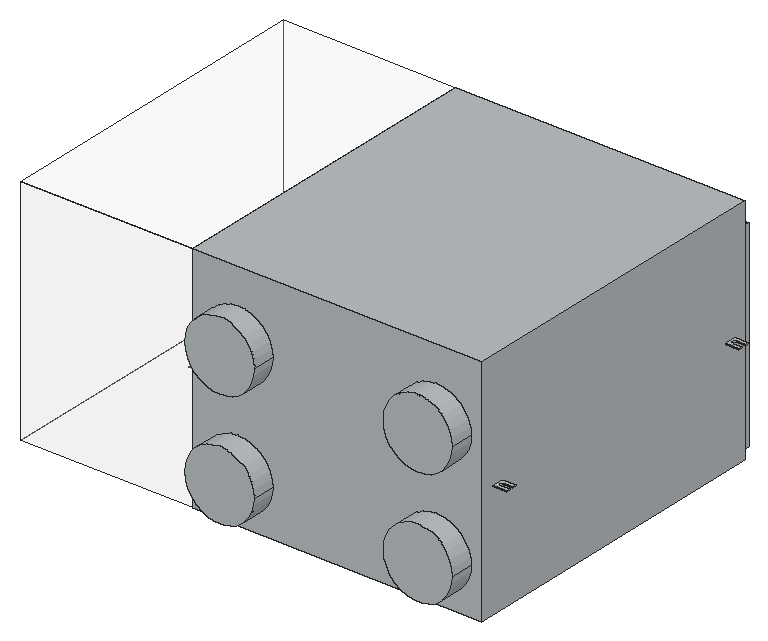
Revit family "lgh-n150_200rx3d_60Hz", category 機械設備, Revit 2019
Family settings
  丸型コネクタ寸法 = 直径を使用
  パーツ タイプ = 標準
  OmniClass 番号 = 23.75.10.34.21
  OmniClass タイトル = Heat Exchangers for Ventilation Air
  作業面ベース = いいえ
  常に垂直 = はい
  ロード時にボイドで切り取り = いいえ
  共有 = いいえ
  部屋計算ポイント = はい
Parameters (values of type "LGH-N150RX3D")
  騒音レベル(dB(A)) = 55
  風量 = 1500.0 m³/h
  面風速 = 8.5 m/s
  電源種別 [instance] = "一般"
  電圧 = 200 V
  電動機出力 = 0 W
  集中コントローラ = ""
  運転質量 = 0.00 kg
  連動 [instance] = ""
  質量 = if(製品質量 > 運転質量, 製品質量, 運転質量) * 1.2  # 144.00 kg
  負荷分類 = 10_ファンコイル類
  説明 = "業務用ロスナイ 天井埋込形"
  設計風量 = 0.0 m³/h
  設置方法 = "天井吊(隠ぺい)形"
  記号 [instance] = ""
  製造元 = "MITSIBISHI ELECTRIC"
  製品質量 = 120.00 kg
  製品出荷対象 = "国内"
  製品リリース年月 = "2019/6/1"
  製品グループ = ""
  系統 [instance] = ""
  符号 = "HEU"
  積算_科目 = "1 空気調和設備"
  積算_拾い区分 [instance] = ""
  相 = 1
  盤記号 [instance] = ""
  発停方法 [instance] = "別売リモコン"
  特殊仕様 [instance] = ""
  点検口高さ = -Height  # -808 mm
  点検口離隔 = 150 mm
  点検口_Depth = 450 mm
  点検口 = yes
  火災停止 [instance] = ""
  温度交換効率 = 74.00%
  消費電力 = 1070 W
  法定耐用年数 = "15"
  機外静圧_排気 = 270.0 Pa
  機外静圧 = 270.0 Pa
  極数 = 3
  材質 [instance] = ""
  本体マテリアル = 溶融亜鉛めっき鋼板
  操作・制御方式 = ""
  操作・制御スイッチ = ""
  排気量 = 0.0 m³/h
  形式 = "天井埋込ダクト形"
  幹線記号 [instance] = ""
  対象室 [instance] = ""
  実風量 = 0.0 m³/h
  始動方式 [instance] = "直入"
  天吊金具_径 = 7.5 mm
  天吊金具_幅 = 30 mm
  外気量 = 設計風量  # 0.0 m³/h
  呼称 = "全熱交換ユニット"
  周波数 = 60 Hz
  天吊金具ピッチ2 = 1010 mm
  天吊金具ピッチ1 = 1045 mm
  天吊金具_高さ = 404 mm
  参照している仕様書等のバージョン = ""
  初期抵抗 = 0.0 Pa
  分類コード = "50052504100070"
  分類グループ = ""
  価格 = 900000
  企業コード = "108420"
  付属品_フィルター_還気 = ""
  付属品_フィルター = ""
  付属品 [instance] = ""
  仕様書バージョン = "Version1.0"
  モデル = "LGH-N150RX3D"
  メンテナンススペース = yes
  コメント [instance] = ""
  Keynote = ""
  エンタルピ交換効率_暖房 = 76.00%
  エンタルピ交換効率_冷房 = 66.00%
  Assembly Code = ""
  Width = 1004 mm
  Version = ""
  Uniclass2015Version = "Systems v1.9"
  Uniclass2015Title = "Thermal wheels"
  Uniclass2015Code = "Pr_60_60_36_88"
  URL = "https://www.mitsubishielectric.co.jp/ldg/wink/ssl/displayProduct.do?pid=300330"
  SpecificationReference = ""
  SpecificationDescription = ""
  SMAX風量 = 1500.0 m³/h
  SMAX静圧 = 270.0 Pa
  SAサイズ_D = 242 mm
  Revision = ""
  RAサイズ_D = 242 mm
  ProductInformation = ""
  OmniClassCode = "23-27 23 19 11"
  OAサイズ_W = 270 mm
  OAサイズ_D = 700 mm
  MIN風量 = 680.0 m³/h
  MIN静圧 = 48.0 Pa
  MID風量 = 1130.0 m³/h
  MID静圧 = 133.0 Pa
  MAX風量 = 1500.0 m³/h
  MAX静圧 = 235.0 Pa
  IfcTypeProduct = ""
  IfcProduct = ""
  IfcExportType = "ROTARYWHEEL"
  IfcExportAs = "IfcAirToAirHeatRecoveryType"
  Height = 808 mm
  EAサイズ_W = 270 mm
  EAサイズ_D = 700 mm
  Duct_Pitch = 690 mm
  Duct_Height = 242 mm
  Duct_Depth_SA_RA = 79 mm
  Duct_Depth_OA_EA = 44 mm
  Depth = 1144 mm
  Clearance Top = Height  # 808 mm
  Clearance Left = 600 mm
  Box_Width = 115 mm
  Box_Height = 262 mm
  Box_H = 125 mm
  Box_Depth = 172 mm
  Box_D = 144 mm
  Author = "MITSUBISHI ELECTRIC"
Types (2, lengths in mm): name | 騒音レベル(dB(A)) | 風量 | 面風速 | 質量 | 製品質量 | 温度交換効率 | 消費電力 | 機外静圧_排気 | 機外静圧 | 天吊金具ピッチ1 | 価格 | モデル | エンタルピ交換効率_暖房 | エンタルピ交換効率_冷房 | Width | URL | SMAX風量 | SMAX静圧 | MIN風量 | MIN静圧 | MID風量 | MID静圧 | MAX風量 | MAX静圧 | Duct_Pitch
  LGH-N150RX3D | 55 | 1500.0 m³/h | 8.5 m/s | 144.00 kg | 120.00 kg | 74.00% | 1070 W | 270.0 Pa | 270.0 Pa | 1045 | 900000 | "LGH-N150RX3D" | 76.00% | 66.00% | 1004 | "https://www.mitsubishielectric.co.jp/ldg/wink/ssl/displayProduct.do?pid=300330" | 1500.0 m³/h | 270.0 Pa | 680.0 m³/h | 48.0 Pa | 1130.0 m³/h | 133.0 Pa | 1500.0 m³/h | 235.0 Pa | 690
  LGH-N200RX3D | 55.5 | 2000.0 m³/h | 11.3 m/s | 158.40 kg | 132.00 kg | 73.00% | 1390 W | 205.0 Pa | 205.0 Pa | 1272 | 1025000 | "LGH-N200RX3D" | 75.00% | 65.00% | 1231 | "https://www.mitsubishielectric.co.jp/ldg/wink/ssl/displayProduct.do?pid=300335" | 2000.0 m³/h | 205.0 Pa | 730.0 m³/h | 17.0 Pa | 1360.0 m³/h | 58.0 Pa | 2000.0 m³/h | 125.0 Pa | 917
Reference planes
  plane 1 "中心(正面/背面)": y = 0
  plane 2: z = 0
  plane 3 "中心(左/右)": x = 0
  plane 4: x = -502
  plane 5: x = 502
  plane 6: y = 572
  plane 7: y = -572
  plane 8: z = -808
  plane 9: z = -242
  plane 10: x = -345
  plane 11: x = 345
  plane 12: y = -651
  plane 13: y = 616
  plane 14: x = -581
  plane 15: x = 581
  plane 16: x = -1102
  plane 17: y = -428
  plane 18: y = -256
  plane 19: z = -125
  plane 20: z = -387
  plane 21: x = -617
  plane 22: x = -652
  plane 23: y = 225
  plane 24: x = -522.5
  plane 25: x = 522.5
  plane 26: y = 505
  plane 27: y = -505
  plane 28: y = -225
  plane 29: x = -552.5
  plane 30: y = 525
  plane 31: y = 485
  plane 32: y = -485
  plane 33: y = -525
  plane 34: z = -5
  plane 35: z = -404
  plane 36: z = -407
  plane 37: x = 552.5
  plane 38: z = -404
  plane 39: x = 480
  plane 40: x = 210
  plane 41: x = -480
  plane 42: x = -210
  plane 43: z = -94
  plane 44: z = -794
  plane 45: z = -94
  plane 46: z = -794
  plane 47: z = -646
  plane 48: z = -529
  plane 49: z = -791
  plane 50: z = -444
Forms (mm)
  Extrusion 1, solid, material "溶融亜鉛めっき鋼板" <- "本体マテリアル", detail levels fine
    sketch origin (0, 0, 0) x (1, 0, 0) y (0, 1, 0)
      loop
        line (-502, 572) -> (-502, -572) -> (502, -572) -> (502, 572) -> (-502, 572)
    from 0 to -808
  Extrusion 2, solid, material "溶融亜鉛めっき鋼板" <- "本体マテリアル", detail levels fine
    sketch origin (502, -572, 0) x (-1, 0, 0) y (0, 0, -1)
      loop
        circle (847, 242) r 121
    from 0 to 79
  Extrusion 3, solid, material "溶融亜鉛めっき鋼板" <- "本体マテリアル", detail levels fine
    sketch origin (510, -445, 0) x (-1, 0, 0) y (0, 0, -1)
      loop
        circle (165, 242) r 121
    from 127 to 206
  Extrusion 4, solid, material "溶融亜鉛めっき鋼板" <- "本体マテリアル", detail levels fine
    sketch origin (-502, -572, 0) x (0, 1, 0) y (0, 0, -1)
      loop
        line (316, 125) -> (316, 387) -> (144, 387) -> (144, 125) -> (316, 125)
      loop
        line (316, 529) -> (316, 791) -> (144, 791) -> (144, 529) -> (316, 529)
    from 0 to 115
  Extrusion 5, solid, material "溶融亜鉛めっき鋼板" <- "本体マテリアル", detail levels fine
    sketch origin (0, 0, 0) x (1, 0, 0) y (0, 1, 0)
      loop
        line (-552.5, 525) -> (-552.5, 512.5) -> (-522.5, 512.5)
        arc (-522.5, 512.5) -> (-515, 505) -> (-522.5, 497.5) r 7.5
        line (-522.5, 497.5) -> (-552.5, 497.5) -> (-552.5, 485) -> (-502, 485) -> (-502, 525) -> (-552.5, 525)
    from -404 to -407
  Extrusion 6, solid, material "溶融亜鉛めっき鋼板" <- "本体マテリアル", detail levels fine
    sketch origin (0, 0, 0) x (1, 0, 0) y (0, 1, 0)
      loop
        line (-552.5, -525) -> (-502, -525) -> (-502, -485) -> (-552.5, -485) -> (-552.5, -497.5) -> (-522.5, -497.5)
        arc (-522.5, -497.5) -> (-515, -505) -> (-522.5, -512.5) r 7.5
        line (-522.5, -512.5) -> (-552.5, -512.5) -> (-552.5, -525)
    from -404 to -407
  Extrusion 7, solid, material "溶融亜鉛めっき鋼板" <- "本体マテリアル", detail levels fine
    sketch origin (0, 0, 0) x (-1, 0, 0) y (0, -1, 0)
      loop
        line (-552.5, 525) -> (-552.5, 512.5) -> (-522.5, 512.5)
        arc (-522.5, 512.5) -> (-515, 505) -> (-522.5, 497.5) r 7.5
        line (-522.5, 497.5) -> (-552.5, 497.5) -> (-552.5, 485) -> (-502, 485) -> (-502, 525) -> (-552.5, 525)
    from -404 to -407
  Extrusion 8, solid, material "溶融亜鉛めっき鋼板" <- "本体マテリアル", detail levels fine
    sketch origin (0, 0, 0) x (-1, 0, 0) y (0, -1, 0)
      loop
        line (-552.5, -525) -> (-502, -525) -> (-502, -485) -> (-552.5, -485) -> (-552.5, -497.5) -> (-522.5, -497.5)
        arc (-522.5, -497.5) -> (-515, -505) -> (-522.5, -512.5) r 7.5
        line (-522.5, -512.5) -> (-552.5, -512.5) -> (-552.5, -525)
    from -404 to -407
  Extrusion 9, solid, material "溶融亜鉛めっき鋼板" <- "本体マテリアル", detail levels fine
    sketch origin (0, 0, 0) x (1, 0, 0) y (0, 0, 1)
      loop
        circle (-345, -646) r 121
    from 572 to 651
  Extrusion 10, solid, material "溶融亜鉛めっき鋼板" <- "本体マテリアル", detail levels fine
    sketch origin (0, 0, 0) x (1, 0, 0) y (0, 0, 1)
      loop
        circle (345, -646) r 121
    from 572 to 651
  Extrusion 11, solid, material "溶融亜鉛めっき鋼板" <- "本体マテリアル", detail levels fine
    sketch origin (0, 0, 0) x (1, 0, 0) y (0, 0, 1)
      loop
        line (480, -794) -> (480, -94) -> (210, -94) -> (210, -794) -> (480, -794)
    from -616 to -572
  Extrusion 12, solid, material "溶融亜鉛めっき鋼板" <- "本体マテリアル", detail levels fine
    sketch origin (0, 0, 0) x (1, 0, 0) y (0, 0, 1)
      loop
        line (-480, -794) -> (-210, -794) -> (-210, -94) -> (-480, -94) -> (-480, -794)
    from -616 to -572
Lines and regions (mm)
  Masking region 1, detail levels coarse+medium
    outline origin (1326.5, 29, 0) x (1, 0, 0) y (0, 1, 0)
      loop
        line (-1828.5, 543) -> (-1828.5, -601) -> (-824.5, -601) -> (-824.5, 543) -> (-1828.5, 543)
  symbolic lines, detail levels coarse+medium
    curve 1: line (0, 572, 0) -> (-502, 0, 0)
    curve 2: line (-502, 0, 0) -> (0, -572, 0)
    curve 3: line (0, -572, 0) -> (502, 0, 0)
    curve 4: line (502, 0, 0) -> (0, 572, 0)
Dimensions and locks
  equal spacing: plane 4, plane 3 "中心(左/右)", plane 5
  "Width": plane 4 to plane 5
  equal spacing: plane 6, plane 1 "中心(正面/背面)", plane 7
  "Depth": plane 6 to plane 7
  "Height": level to plane 8
  "Duct_Height": level to plane 9
  equal spacing: plane 11, plane 3 "中心(左/右)", plane 10
  "Duct_Pitch": plane 11 to plane 10
  "Duct_Depth_OA_EA": plane 13 to plane 6
  "Duct_Depth_SA_RA": plane 7 to plane 12
  "Duct_Depth_SA_RA": plane 5 to plane 15
  "Duct_Depth_SA_RA": plane 14 to plane 4
  "Clearance Left": plane 16 to plane 4
  "Clearance Top": nested 1 to plane 8
  "Box_H": level to plane 19
  "Box_Height": plane 19 to plane 20
  "Box_D": plane 17 to plane 7
  "Box_Depth": plane 18 to plane 17
  "Box_Width": plane 21 to plane 4
  "点検口離隔": plane 22 to plane 4
  equal spacing: plane 24, plane 3 "中心(左/右)", plane 25
  "天吊金具ピッチ1": plane 24 to plane 25
  equal spacing: plane 26, plane 1 "中心(正面/背面)", plane 27
  "天吊金具ピッチ2": plane 26 to plane 27
  equal spacing: plane 23, plane 1 "中心(正面/背面)", plane 28
  "点検口_Depth": plane 23 to plane 28
  equal spacing: plane 30, plane 26, plane 31
  locked: plane 30 to plane 31 at 40
  "天吊金具_幅": plane 29 to plane 24
  "天吊金具_高さ": level to plane 35
  locked: plane 35 to plane 36 at 3
  equal spacing: plane 32, plane 27, plane 33
  locked: plane 32 to plane 33 at 40
  "天吊金具_幅": plane 25 to plane 37
  equal spacing: plane 8, plane 38, level
  equal spacing: plane 40, plane 11, plane 39
  "EAサイズ_W": plane 40 to plane 39
  equal spacing: plane 42, plane 10, plane 41
  "OAサイズ_W": plane 42 to plane 41
  "EAサイズ_D": plane 44 to plane 43
  "OAサイズ_D": plane 46 to plane 45
  "Duct_Height": plane 38 to plane 47
  "Box_H": plane 38 to plane 48
  "Box_Height": plane 48 to plane 49
  locked: plane 50 to plane 38 at 40
  equal spacing: plane 44, plane 50, plane 43
  equal spacing: plane 46, plane 50, plane 45
  "RAサイズ_D": diameter of Extrusion 3 sketch curve
  "天吊金具_径": radius of Extrusion 5 sketch curve
  "天吊金具_径": radius of Extrusion 6 sketch curve
  "天吊金具_径": radius of Extrusion 7 sketch curve
  "天吊金具_径": radius of Extrusion 8 sketch curve
  "SAサイズ_D": diameter of Extrusion 9 sketch curve
  "RAサイズ_D": diameter of Extrusion 10 sketch curve
  "SAサイズ_D": diameter of Extrusion 2 sketch curve
  aligned and locked: level to plane 2
  aligned and locked: Extrusion 1 to plane 8
  aligned and locked: Extrusion 2 to plane 12
  aligned and locked: plane 7 to Extrusion 2
  aligned and locked: plane 7 to Extrusion 3
  aligned and locked: Extrusion 3 to plane 12
  aligned and locked: plane 16 to nested 1
  aligned and locked: plane 4 to nested 1
  aligned and locked: nested 1 to plane 6
  aligned and locked: nested 1 to plane 7
  aligned and locked: plane 2 to nested 1
  aligned and locked: plane 8 to nested 1
  aligned and locked: Extrusion 4 to plane 21
  aligned and locked: plane 4 to Extrusion 4
  aligned and locked: Masking region 1 to plane 4
  aligned and locked: plane 5 to Masking region 1
  aligned and locked: plane 6 to Masking region 1
  aligned and locked: Masking region 1 to plane 7
  aligned and locked: plane 25 to nested 2
  aligned and locked: plane 24 to nested 2
  aligned and locked: nested 2 to plane 27
  aligned and locked: plane 26 to nested 2
  aligned and locked: Extrusion 4 to plane 18
  aligned and locked: Extrusion 4 to plane 20
  aligned and locked: plane 19 to Extrusion 4
  aligned and locked: plane 17 to Extrusion 4
  aligned and locked: plane 22 to nested 3
  aligned and locked: plane 16 to nested 3
  aligned and locked: plane 23 to nested 3
  aligned and locked: nested 3 to plane 28
  aligned and locked: plane 29 to Extrusion 5 sketch curve  (x2)
  aligned and locked: Extrusion 5 sketch curve to plane 4
  aligned and locked: plane 31 to Extrusion 5 sketch curve
  aligned and locked: Extrusion 5 sketch curve to plane 30
  aligned and locked: Extrusion 5 to plane 35
  aligned and locked: Extrusion 5 to plane 36
  aligned and locked: Extrusion 6 sketch curve to plane 29  (x2)
  aligned and locked: plane 32 to Extrusion 6 sketch curve
  aligned and locked: Extrusion 6 sketch curve to plane 33
  aligned and locked: plane 4 to Extrusion 6 sketch curve
  aligned and locked: plane 35 to Extrusion 6
  aligned and locked: Extrusion 6 to plane 36
  aligned and locked: plane 37 to Extrusion 7 sketch curve  (x2)
  aligned and locked: Extrusion 7 sketch curve to plane 32
  aligned and locked: plane 33 to Extrusion 7 sketch curve
  aligned and locked: plane 5 to Extrusion 7 sketch curve
  aligned and locked: Extrusion 7 to plane 36
  aligned and locked: plane 35 to Extrusion 7
  aligned and locked: Extrusion 8 sketch curve to plane 37  (x2)
  aligned and locked: Extrusion 8 sketch curve to plane 31
  aligned and locked: plane 30 to Extrusion 8 sketch curve
  aligned and locked: Extrusion 8 sketch curve to plane 5
  aligned and locked: plane 35 to Extrusion 8
  aligned and locked: Extrusion 8 to plane 36
  aligned and locked: Extrusion 9 to plane 12
  aligned and locked: plane 7 to Extrusion 9
  aligned and locked: Extrusion 10 to plane 12
  aligned and locked: plane 7 to Extrusion 10
  aligned and locked: plane 44 to Extrusion 11 sketch curve
  aligned and locked: plane 39 to Extrusion 11 sketch curve
  aligned and locked: Extrusion 11 sketch curve to plane 43
  aligned and locked: Extrusion 11 sketch curve to plane 40
  aligned and locked: Extrusion 12 sketch curve to plane 46
  aligned and locked: Extrusion 12 sketch curve to plane 41
  aligned and locked: plane 45 to Extrusion 12 sketch curve
  aligned and locked: plane 42 to Extrusion 12 sketch curve
  aligned and locked: plane 13 to Extrusion 12
  aligned and locked: Extrusion 12 to plane 6
  aligned and locked: plane 13 to Extrusion 11
  aligned and locked: Extrusion 11 to plane 6
  aligned and locked: Extrusion 4 sketch curve to plane 48
  aligned and locked: plane 18 to Extrusion 4 sketch curve
  aligned and locked: plane 49 to Extrusion 4 sketch curve
  aligned and locked: Extrusion 4 sketch curve to plane 17
Automatic sketch dimensions
  plane 1 "中心(正面/背面)" to curve 1 = 0 mm
  curve 1 to plane 4 = 0 mm
  curve 2 to plane 3 "中心(左/右)" = 0 mm
  curve 4 to plane 3 "中心(左/右)" = 0 mm
  plane 1 "中心(正面/背面)" to curve 4 = 0 mm
  curve 4 to plane 5 = 0 mm
  curve 2 to plane 7 = 0 mm
  curve 4 to plane 6 = 0 mm
  Extrusion 1 sketch curve to plane 4 = 0 mm
  Extrusion 1 sketch curve to plane 5 = 0 mm
  Extrusion 1 sketch curve to plane 7 = 0 mm
  Extrusion 1 sketch curve to plane 6 = 0 mm
  Extrusion 3 sketch curve to plane 9 = 0 mm
  Extrusion 3 sketch curve to plane 11 = 0 mm
  Masking region 1 sketch curve to plane 4 = 0 mm
  Masking region 1 sketch curve to plane 5 = 0 mm
  Masking region 1 sketch curve to plane 7 = 0 mm
  Masking region 1 sketch curve to plane 6 = 0 mm
  Extrusion 9 sketch curve to plane 10 = 0 mm
  Extrusion 9 sketch curve to plane 47 = 0 mm
  Extrusion 10 sketch curve to plane 11 = 0 mm
  Extrusion 10 sketch curve to plane 47 = 0 mm
  Extrusion 5 sketch curve to plane 24 = 0 mm
  Extrusion 5 sketch curve to plane 26 = 0 mm
  Extrusion 6 sketch curve to plane 24 = 0 mm
  Extrusion 6 sketch curve to plane 27 = 0 mm
  Extrusion 7 sketch curve to plane 25 = 0 mm
  Extrusion 7 sketch curve to plane 27 = 0 mm
  Extrusion 8 sketch curve to plane 25 = 0 mm
  Extrusion 8 sketch curve to plane 26 = 0 mm
  Extrusion 1 to Extrusion 2 sketch curve = 157 mm
  Extrusion 1 to Extrusion 2 sketch curve = 242 mm
  Extrusion 4 sketch curve to Extrusion 1 = 144 mm
  Extrusion 4 sketch curve to Extrusion 4 sketch curve = 172 mm
  Extrusion 4 sketch curve to Extrusion 4 sketch curve = 142 mm
  Extrusion 1 to Extrusion 4 sketch curve = 125 mm
Nested families
  nested 1: "メンテナンススペース" at (-802, 0, -404), visible <- "メンテナンススペース", type "メンテナンススペース"
    with Width 600 mm, Height 808 mm, Depth 1144 mm
  nested 2: "固定点" at (-522.5, -505, 0), type "固定点"
    with W 1045 mm, D 1010 mm
  nested 3: "点検口設置範囲" at (-877, 0, -808), built-in parameter 1001364 <- "点検口高さ", visible <- "点検口", type "点検口設置範囲"
    with Width 450 mm, Depth 450 mm
Connectors
  hvac at (-345, -651, -242), driven by "SAサイズ_D", driven by "機外静圧", driven by "風量"
    settings: on Extrusion 2, index 1, duct flow 1500.0 m³/h, flow factor 0, pres drop 270.0 Pa, loss coef 0, conn angle 0.00°, conn width 304.8 mm, conn height 304.8 mm, conn diameter 242 mm, duct sys type 1, conn prof type 0, flow config 0, flow direction 2, loss method 4, conn ref index -1, conn util no, is conn primary yes, conn desc ""
  hvac at (345, -651, -242), driven by "RAサイズ_D", driven by "機外静圧", driven by "風量"
    settings: on Extrusion 3, index 2, duct flow 1500.0 m³/h, flow factor 0, pres drop 270.0 Pa, loss coef 0, conn angle 0.00°, conn width 304.8 mm, conn height 304.8 mm, conn diameter 242 mm, duct sys type 2, conn prof type 0, flow config 0, flow direction 1, loss method 4, conn ref index -1, conn util no, is conn primary no, conn desc ""
  electrical at (-559.5, -428, -256), driven by "負荷分類", driven by "極数", driven by "電圧", driven by "消費電力"
    settings: on Extrusion 4, index 7, voltage 200 V, apparent load 1070 VA, apparent load phase1 0 VA, apparent load phase2 0 VA, apparent load phase3 0 VA, power factor 1, load classification "10_ファンコイル類", number of poles 3, system type 30, power factor state 1, is connector primary yes, connector utility no, sub classification motor no, connector description ""
  hvac at (-345, -651, -646), driven by "SAサイズ_D", driven by "機外静圧", driven by "風量"
    settings: on Extrusion 9, index 8, duct flow 1500.0 m³/h, flow factor 0, pres drop 270.0 Pa, loss coef 0, conn angle 0.00°, conn width 304.8 mm, conn height 304.8 mm, conn diameter 242 mm, duct sys type 1, conn prof type 0, flow config 0, flow direction 2, loss method 4, conn ref index -1, conn util no, is conn primary no, conn desc ""
  hvac at (345, -651, -646), driven by "RAサイズ_D", driven by "機外静圧", driven by "風量"
    settings: on Extrusion 10, index 9, duct flow 1500.0 m³/h, flow factor 0, pres drop 270.0 Pa, loss coef 0, conn angle 0.00°, conn width 304.8 mm, conn height 304.8 mm, conn diameter 242 mm, duct sys type 2, conn prof type 0, flow config 0, flow direction 1, loss method 4, conn ref index -1, conn util no, is conn primary no, conn desc ""
  hvac at (345, 616, -444), driven by "EAサイズ_D", driven by "EAサイズ_W", driven by "機外静圧_排気", driven by "排気量"
    settings: on Extrusion 11, index 10, duct flow 0.0 m³/h, flow factor 0, pres drop 270.0 Pa, loss coef 0, conn angle 0.00°, conn width 270 mm, conn height 700 mm, conn diameter 609.6 mm, duct sys type 3, conn prof type 1, flow config 0, flow direction 2, loss method 4, conn ref index -1, conn util no, is conn primary no, conn desc ""
  hvac at (-345, 616, -444), driven by "OAサイズ_W", driven by "OAサイズ_D", driven by "機外静圧", driven by "風量"
    settings: on Extrusion 12, index 11, duct flow 1500.0 m³/h, flow factor 0, pres drop 270.0 Pa, loss coef 0, conn angle 0.00°, conn width 270 mm, conn height 700 mm, conn diameter 609.6 mm, duct sys type 4, conn prof type 1, flow config 0, flow direction 1, loss method 4, conn ref index -1, conn util no, is conn primary no, conn desc ""
Definition of nested family "メンテナンススペース"
  Parameters (values of type "メンテナンススペース")
    Width [instance] = 500 mm
    Height [instance] = 500 mm
    Depth [instance] = 500 mm
  Reference planes
    plane 1 "中心(正面/背面)": y = 0
    plane 2: z = 0
    plane 3 "中心(左/右)": x = 0
    plane 4: y = -250
    plane 5: x = 250
    plane 6: y = 250
    plane 7: x = -250
    plane 8: z = 250
    plane 9: z = -250
  Forms (mm)
    Extrusion 1, solid
      sketch origin (-638.939, 0, 72.39) x (1, 0, 0) y (0, 1, 0)
        loop
          line (388.939, 250) -> (388.939, -250) -> (888.939, -250) -> (888.939, 250) -> (388.939, 250)
      from -322.39 to 177.61
  Lines and regions (mm)
    symbolic lines
      curve 1: line (-250, 0, 250) -> (250, 0, 250)
      curve 2: line (-250, 0, -250) -> (-250, 0, 250)
      curve 3: line (250, 0, -250) -> (-250, 0, -250)
      curve 4: line (250, 0, 250) -> (250, 0, -250)
      curve 5: line (0, -250, 250) -> (0, 250, 250)
      curve 6: line (0, -250, -250) -> (0, -250, 250)
      curve 7: line (0, 250, -250) -> (0, -250, -250)
      curve 8: line (0, 250, 250) -> (0, 250, -250)
      curve 9: line (-250, 250, 0) -> (250, 250, 0)
      curve 10: line (-250, -250, 0) -> (-250, 250, 0)
      curve 11: line (250, -250, 0) -> (-250, -250, 0)
      curve 12: line (250, 250, 0) -> (250, -250, 0)
  Dimensions and locks
    equal spacing: plane 7, plane 3 "中心(左/右)", plane 5
    equal spacing: plane 4, plane 1 "中心(正面/背面)", plane 6
    "Depth": plane 4 to plane 6
    "Width": plane 7 to plane 5
    equal spacing: plane 8, plane 2, plane 9
    "Height": plane 8 to plane 9
    aligned and locked: plane 9 to curve 3
    aligned and locked: plane 7 to curve 2
    aligned and locked: curve 4 to plane 5
    aligned and locked: plane 5 to Extrusion 1
    aligned and locked: Extrusion 1 to plane 7
    aligned and locked: Extrusion 1 to plane 9
    aligned and locked: plane 8 to Extrusion 1
    aligned and locked: plane 9 to curve 7
  Automatic sketch dimensions
    plane 4 to Extrusion 1 sketch curve = 0 mm
    Extrusion 1 sketch curve to plane 7 = 0 mm
    Extrusion 1 sketch curve to plane 5 = 0 mm
    plane 6 to Extrusion 1 sketch curve = 0 mm
    curve 2 to plane 8 = 0 mm
    plane 4 to curve 11 = 0 mm
    curve 11 to plane 7 = 0 mm
    curve 11 to plane 5 = 0 mm
    plane 6 to curve 10 = 0 mm
    curve 7 to plane 4 = 0 mm
    curve 7 to plane 6 = 0 mm
    curve 6 to plane 8 = 0 mm
Definition of nested family "固定点"
  Parameters (values of type "固定点")
    中心円 = 20 mm
    W [instance] = 1000 mm
    D [instance] = 1000 mm
  Reference planes
    plane 1 "中心(正面/背面)": y = 0
    plane 2: z = 0
    plane 3 "中心(左/右)": x = 0
    plane 4: x = 1000
    plane 5: y = 1000
  Lines and regions (mm)
    symbolic lines, detail levels fine
      curve 1: circle (0, 1000, 0) r 10 normal (0, 0, 1)
      curve 2: circle (0, 0, 0) r 10 normal (0, 0, 1)
      curve 3: circle (1000, 1000, 0) r 10 normal (0, 0, 1)
      curve 4: circle (1000, 0, 0) r 10 normal (0, 0, 1)
      curve 5: line (-200, 1000, 0) -> (1200, 1000, 0)
      curve 6: line (-200, 0, 0) -> (1200, 0, 0)
      curve 7: line (0, 1200, 0) -> (0, -200, 0)
      curve 8: line (1000, 1200, 0) -> (1000, -200, 0)
  Dimensions and locks
    "W": plane 3 "中心(左/右)" to plane 4
    "D": plane 1 "中心(正面/背面)" to plane 5
    "中心円": diameter of curve 1
    "中心円": diameter of curve 2
    "中心円": diameter of curve 3
    "中心円": diameter of curve 4
    aligned and locked: level to plane 2
    aligned and locked: plane 5 to curve 1
    aligned and locked: plane 3 "中心(左/右)" to curve 1
    aligned and locked: plane 3 "中心(左/右)" to curve 2
    aligned and locked: plane 1 "中心(正面/背面)" to curve 2
    aligned and locked: plane 4 to curve 3
    aligned and locked: plane 5 to curve 3
    aligned and locked: plane 1 "中心(正面/背面)" to curve 4
    aligned and locked: plane 4 to curve 4
    aligned and locked: plane 1 "中心(正面/背面)" to curve 6
    aligned and locked: curve 7 to plane 3 "中心(左/右)"
    aligned and locked: curve 8 to plane 4
  Automatic sketch dimensions
    curve 5 to plane 5 = 0 mm
    curve 6 to plane 3 "中心(左/右)" = 200 mm
    curve 5 to plane 3 "中心(左/右)" = 200 mm
    curve 4 to curve 6 = 200 mm
    curve 3 to curve 5 = 200 mm
    plane 1 "中心(正面/背面)" to curve 8 = 200 mm
    plane 1 "中心(正面/背面)" to curve 7 = 200 mm
    curve 3 to curve 8 = 200 mm
    curve 1 to curve 7 = 200 mm
Definition of nested family "点検口設置範囲"
  Parameters (values of type "点検口設置範囲")
    Width [instance] = 1000 mm
    Depth [instance] = 700 mm
  Reference planes
    plane 1 "中心(正面/背面)": y = 0
    plane 2: z = 0
    plane 3 "中心(左/右)": x = 0
    plane 4: x = -500
    plane 5: x = 500
    plane 6: y = -350
    plane 7: y = 350
  Lines and regions (mm)
    model lines
      curve 1: line (-500, 350, 0) -> (500, 350, 0)
      curve 2: line (-500, -350, 0) -> (-500, 350, 0)
      curve 3: line (500, -350, 0) -> (-500, -350, 0)
      curve 4: line (500, 350, 0) -> (500, -350, 0)
  Dimensions and locks
    "Depth": plane 7 to plane 6
    "Width": plane 4 to plane 5
    equal spacing: plane 7, plane 1 "中心(正面/背面)", plane 6
    equal spacing: plane 4, plane 3 "中心(左/右)", plane 5
    aligned and locked: level to plane 2
    aligned and locked: plane 4 to curve 2
    aligned and locked: curve 1 to plane 7
    aligned and locked: curve 4 to plane 5
    aligned and locked: plane 6 to curve 3
